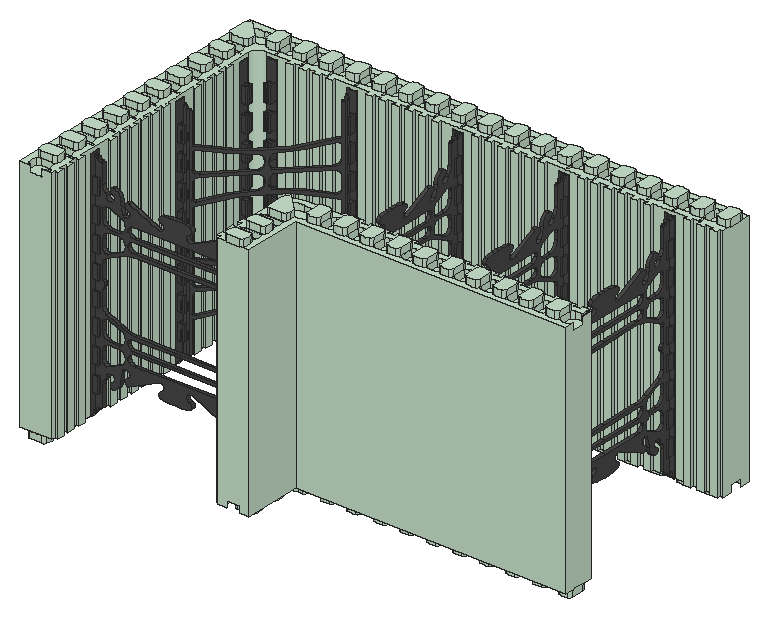
Revit family
Reference planes (in)
  plane 1 "Center (Front/Back)": y = 0
  plane 2: z = 0
  plane 3 "Center (Left/Right)": x = 0
Forms (in)
  Extrusion 1, solid, material "NUDURA Expanded Polystyrene Foam Insulation"
    sketch origin (-0.00131, 0.00138, 0) x (1, 0, 0) y (0, 1, 0)
      loop
        line (-8.625, 8.625) -> (-8.625, -13) -> (-6.25, -13) -> (-6.25, -12.71883) -> (-6, -12.78117) -> (-6, -12.21883) -> (-6.25, -12.28117) -> (-6.25, -11.71883) -> (-6, -11.78117) -> (-6, -11.21883) -> (-6.25, -11.28117) -> (-6.25, -10.71883) -> (-6, -10.78117) -> (-6, -10.21883) -> (-6.25, -10.28117) -> (-6.25, -7.71883) -> (-6, -7.78117) -> (-6, -7.21883) -> (-6.25, -7.28117) -> (-6.25, -6.71883) -> (-6, -6.78117) -> (-6, -6.21883) -> (-6.25, -6.28117) -> (-6.25, -5.71883) -> (-6, -5.78117) -> (-6, -5.21883) -> (-6.25, -5.28117) -> (-6.25, -4.71883) -> (-6, -4.78117) -> (-6, -4.21883) -> (-6.25, -4.28117) -> (-6.25, -3.71883) -> (-6, -3.78117) -> (-6, -3.21883) -> (-6.25, -3.28117) -> (-6.25, -2.71883) -> (-6, -2.78117) -> (-6, -2.21883) -> (-6.25, -2.28117) -> (-6.25, 0.28117) -> (-6, 0.21883) -> (-6, 0.78117) -> (-6.25, 0.71883) -> (-6.25, 1.28117) -> (-6, 1.21883) -> (-6, 1.78117) -> (-6.25, 1.71883) -> (-6.25, 2.28117) -> (-6, 2.21883) -> (-6, 2.78117) -> (-6.25, 2.71883) -> (-6.25, 3.28117) -> (-6, 3.21883) -> (-6, 3.78117) -> (-6.25, 3.71883) -> (-6.25, 5.51944)
        arc (-6.25, 5.51944) -> (-6.02357, 6.03725) -> (-5.5, 6.25) r 0.75
        line (-5.5, 6.25) -> (-3.71883, 6.25) -> (-3.78117, 6) -> (-3.21883, 6) -> (-3.28117, 6.25) -> (-2.71883, 6.25) -> (-2.78117, 6) -> (-2.21883, 6) -> (-2.28117, 6.25) -> (-1.71883, 6.25) -> (-1.78117, 6) -> (-1.21883, 6) -> (-1.28117, 6.25) -> (-0.71883, 6.25) -> (-0.78117, 6) -> (-0.21883, 6) -> (-0.28117, 6.25) -> (2.28117, 6.25) -> (2.21883, 6) -> (2.78117, 6) -> (2.71883, 6.25) -> (3.28117, 6.25) -> (3.21883, 6) -> (3.78117, 6) -> (3.71883, 6.25) -> (4.28117, 6.25) -> (4.21883, 6) -> (4.78117, 6) -> (4.71883, 6.25) -> (5.28117, 6.25) -> (5.21883, 6) -> (5.78117, 6) -> (5.71883, 6.25) -> (6.28117, 6.25) -> (6.21883, 6) -> (6.78117, 6) -> (6.71883, 6.25) -> (7.28117, 6.25) -> (7.21883, 6) -> (7.78117, 6) -> (7.71883, 6.25) -> (10.28117, 6.25) -> (10.21883, 6) -> (10.78117, 6) -> (10.71883, 6.25) -> (11.28117, 6.25) -> (11.21883, 6) -> (11.78117, 6) -> (11.71883, 6.25) -> (12.28117, 6.25) -> (12.21883, 6) -> (12.78117, 6) -> (12.71883, 6.25) -> (13.28117, 6.25) -> (13.21883, 6) -> (13.78117, 6) -> (13.71883, 6.25) -> (14.28117, 6.25) -> (14.21883, 6) -> (14.78117, 6) -> (14.71883, 6.25) -> (15.28117, 6.25) -> (15.21883, 6) -> (15.78117, 6) -> (15.71883, 6.25) -> (18.28117, 6.25) -> (18.21883, 6) -> (18.78117, 6) -> (18.71883, 6.25) -> (19.28117, 6.25) -> (19.21883, 6) -> (19.78117, 6) -> (19.71883, 6.25) -> (20.28117, 6.25) -> (20.21883, 6) -> (20.78117, 6) -> (20.71883, 6.25) -> (21.28117, 6.25) -> (21.21883, 6) -> (21.78117, 6) -> (21.71883, 6.25) -> (22.28117, 6.25) -> (22.21883, 6) -> (22.78117, 6) -> (22.71883, 6.25) -> (23.28117, 6.25) -> (23.21883, 6) -> (23.78117, 6) -> (23.71883, 6.25) -> (26.28117, 6.25) -> (26.21883, 6) -> (26.78117, 6) -> (26.71883, 6.25) -> (27.28117, 6.25) -> (27.21883, 6) -> (27.78117, 6) -> (27.71883, 6.25) -> (28.28117, 6.25) -> (28.21883, 6) -> (28.78117, 6) -> (28.71883, 6.25) -> (29, 6.25) -> (29, 8.625) -> (-8.625, 8.625)
      loop
        line (8.625, -8.625) -> (29, -8.625) -> (29, -6.25) -> (28.71883, -6.25) -> (28.78117, -6) -> (28.21883, -6) -> (28.28117, -6.25) -> (27.71883, -6.25) -> (27.78117, -6) -> (27.21883, -6) -> (27.28117, -6.25) -> (26.71883, -6.25) -> (26.78117, -6) -> (26.21883, -6) -> (26.28117, -6.25) -> (23.71883, -6.25) -> (23.78117, -6) -> (23.21883, -6) -> (23.28117, -6.25) -> (22.71883, -6.25) -> (22.78117, -6) -> (22.21883, -6) -> (22.28117, -6.25) -> (21.71883, -6.25) -> (21.78117, -6) -> (21.21883, -6) -> (21.28117, -6.25) -> (20.71883, -6.25) -> (20.78117, -6) -> (20.21883, -6) -> (20.28117, -6.25) -> (19.71883, -6.25) -> (19.78117, -6) -> (19.21883, -6) -> (19.28117, -6.25) -> (18.71883, -6.25) -> (18.78117, -6) -> (18.21883, -6) -> (18.28117, -6.25) -> (15.71883, -6.25) -> (15.78117, -6) -> (15.21883, -6) -> (15.28117, -6.25) -> (14.71883, -6.25) -> (14.78117, -6) -> (14.21883, -6) -> (14.28117, -6.25) -> (13.71883, -6.25) -> (13.78117, -6) -> (13.21883, -6) -> (13.28117, -6.25) -> (12.71883, -6.25) -> (12.78117, -6) -> (12.21883, -6) -> (12.28117, -6.25) -> (11.71883, -6.25) -> (11.78117, -6) -> (11.21883, -6) -> (11.28117, -6.25) -> (10.71883, -6.25) -> (10.78117, -6) -> (10.21883, -6) -> (10.28117, -6.25) -> (7.5, -6.25)
        arc (7.5, -6.25) -> (6.61612, -6.61612) -> (6.25, -7.5) r 1.25
        line (6.25, -7.5) -> (6.25, -10.28117) -> (6, -10.21883) -> (6, -10.78117) -> (6.25, -10.71883) -> (6.25, -11.28117) -> (6, -11.21883) -> (6, -11.78117) -> (6.25, -11.71883) -> (6.25, -12.28117) -> (6, -12.21883) -> (6, -12.78117) -> (6.25, -12.71883) -> (6.25, -13) -> (8.625, -13) -> (8.625, -8.625)
    from 0 to 18
  Extrusion 2, solid, material "NUDURA Expanded Polystyrene Foam Insulation"
    sketch origin (2.99869, -2.99862, 0) x (1, 0, 0) y (0, 1, 0)
      loop
        arc (3.6875, -5.5) -> (3.70047, -5.66548) -> (3.73905, -5.82692) r 1.0625
        arc (3.73905, -5.82692) -> (3.82983, -5.95215) -> (3.97692, -6) r 0.25
        line (3.97692, -6) -> (4.89808, -6)
        arc (4.89808, -6) -> (5.04517, -5.95215) -> (5.13595, -5.82692) r 0.25
        arc (5.13595, -5.82692) -> (5.17453, -5.66548) -> (5.1875, -5.5) r 1.0625
        line (5.1875, -5.5) -> (5.1875, -5.1875) -> (3.98039, -3.98039)
        arc (3.98039, -3.98039) -> (3.76362, -4.30482) -> (3.6875, -4.6875) r 1
        line (3.6875, -4.6875) -> (3.6875, -5.5)
    from 18 to 18.5
  Extrusion 3, solid, material "NUDURA Expanded Polystyrene Foam Insulation"
    sketch origin (-3.00131, 3.00138, 0) x (1, 0, 0) y (0, 1, 0)
      loop
        arc (-3.97692, 3) -> (-3.82983, 3.04785) -> (-3.73905, 3.17308) r 0.25
        arc (-3.73905, 3.17308) -> (-3.70047, 3.33452) -> (-3.6875, 3.5) r 1.0625
        line (-3.6875, 3.5) -> (-3.6875, 3.6875) -> (-4.89461, 4.89461)
        arc (-4.89461, 4.89461) -> (-5.11138, 4.57018) -> (-5.1875, 4.1875) r 1
        line (-5.1875, 4.1875) -> (-5.1875, 3.5)
        arc (-5.1875, 3.5) -> (-5.17453, 3.33452) -> (-5.13595, 3.17308) r 1.0625
        arc (-5.13595, 3.17308) -> (-5.04517, 3.04785) -> (-4.89808, 3) r 0.25
        line (-4.89808, 3) -> (-3.97692, 3)
    from 18 to 18.5
  Extrusion 4, void
    sketch origin (-3.00131, 3.00138, 0) x (1, 0, 0) y (0, 1, 0)
      loop
        arc (-5.13595, -9.82692) -> (-5.04517, -9.95215) -> (-4.89808, -10) r 0.25
        line (-4.89808, -10) -> (-3.97692, -10)
        arc (-3.97692, -10) -> (-3.88568, -9.98276) -> (-3.80702, -9.9334) r 0.25
        arc (-3.80702, -9.9334) -> (-3.78736, -9.92106) -> (-3.76455, -9.91675) r 0.0625
        line (-3.76455, -9.91675) -> (-3.41845, -9.91675) -> (-3.41845, -9.74592) -> (-3.64005, -9.74592)
        arc (-3.64005, -9.74592) -> (-3.68771, -9.72385) -> (-3.70172, -9.67323) r 0.0625
        arc (-3.70172, -9.67323) -> (-3.69045, -9.42092) -> (-3.73905, -9.17308) r 1.0625
        arc (-3.73905, -9.17308) -> (-3.82983, -9.04785) -> (-3.97692, -9) r 0.25
        line (-3.97692, -9) -> (-4.89808, -9)
        arc (-4.89808, -9) -> (-5.04517, -9.04785) -> (-5.13595, -9.17308) r 0.25
        arc (-5.13595, -9.17308) -> (-5.1875, -9.5) -> (-5.13595, -9.82692) r 1.0625
    from 18 to 17.5
  Extrusion 5, void
    sketch origin (-3.00131, 5.00138, 0) x (1, 0, 0) y (0, 1, 0)
      loop
        arc (-5.13595, -9.82692) -> (-5.04517, -9.95215) -> (-4.89808, -10) r 0.25
        line (-4.89808, -10) -> (-3.97692, -10)
        arc (-3.97692, -10) -> (-3.88568, -9.98276) -> (-3.80702, -9.9334) r 0.25
        arc (-3.80702, -9.9334) -> (-3.78736, -9.92106) -> (-3.76455, -9.91675) r 0.0625
        line (-3.76455, -9.91675) -> (-3.41845, -9.91675) -> (-3.41845, -9.74592) -> (-3.64005, -9.74592)
        arc (-3.64005, -9.74592) -> (-3.68771, -9.72385) -> (-3.70172, -9.67323) r 0.0625
        arc (-3.70172, -9.67323) -> (-3.69045, -9.42092) -> (-3.73905, -9.17308) r 1.0625
        arc (-3.73905, -9.17308) -> (-3.82983, -9.04785) -> (-3.97692, -9) r 0.25
        line (-3.97692, -9) -> (-4.89808, -9)
        arc (-4.89808, -9) -> (-5.04517, -9.04785) -> (-5.13595, -9.17308) r 0.25
        arc (-5.13595, -9.17308) -> (-5.1875, -9.5) -> (-5.13595, -9.82692) r 1.0625
    from 18 to 17.5
  Extrusion 6, void
    sketch origin (-3.00131, 7.00138, 0) x (1, 0, 0) y (0, 1, 0)
      loop
        arc (-5.13595, -9.82692) -> (-5.04517, -9.95215) -> (-4.89808, -10) r 0.25
        line (-4.89808, -10) -> (-3.97692, -10)
        arc (-3.97692, -10) -> (-3.88568, -9.98276) -> (-3.80702, -9.9334) r 0.25
        arc (-3.80702, -9.9334) -> (-3.78736, -9.92106) -> (-3.76455, -9.91675) r 0.0625
        line (-3.76455, -9.91675) -> (-3.41845, -9.91675) -> (-3.41845, -9.74592) -> (-3.64005, -9.74592)
        arc (-3.64005, -9.74592) -> (-3.68771, -9.72385) -> (-3.70172, -9.67323) r 0.0625
        arc (-3.70172, -9.67323) -> (-3.69045, -9.42092) -> (-3.73905, -9.17308) r 1.0625
        arc (-3.73905, -9.17308) -> (-3.82983, -9.04785) -> (-3.97692, -9) r 0.25
        line (-3.97692, -9) -> (-4.89808, -9)
        arc (-4.89808, -9) -> (-5.04517, -9.04785) -> (-5.13595, -9.17308) r 0.25
        arc (-5.13595, -9.17308) -> (-5.1875, -9.5) -> (-5.13595, -9.82692) r 1.0625
    from 18 to 17.5
  Extrusion 7, void
    sketch origin (-3.00131, 9.00138, 0) x (1, 0, 0) y (0, 1, 0)
      loop
        arc (-5.13595, -9.82692) -> (-5.04517, -9.95215) -> (-4.89808, -10) r 0.25
        line (-4.89808, -10) -> (-3.97692, -10)
        arc (-3.97692, -10) -> (-3.88568, -9.98276) -> (-3.80702, -9.9334) r 0.25
        arc (-3.80702, -9.9334) -> (-3.78736, -9.92106) -> (-3.76455, -9.91675) r 0.0625
        line (-3.76455, -9.91675) -> (-3.41845, -9.91675) -> (-3.41845, -9.74592) -> (-3.64005, -9.74592)
        arc (-3.64005, -9.74592) -> (-3.68771, -9.72385) -> (-3.70172, -9.67323) r 0.0625
        arc (-3.70172, -9.67323) -> (-3.69045, -9.42092) -> (-3.73905, -9.17308) r 1.0625
        arc (-3.73905, -9.17308) -> (-3.82983, -9.04785) -> (-3.97692, -9) r 0.25
        line (-3.97692, -9) -> (-4.89808, -9)
        arc (-4.89808, -9) -> (-5.04517, -9.04785) -> (-5.13595, -9.17308) r 0.25
        arc (-5.13595, -9.17308) -> (-5.1875, -9.5) -> (-5.13595, -9.82692) r 1.0625
    from 18 to 17.5
  Extrusion 8, void
    sketch origin (-3.00131, 11.00138, 0) x (1, 0, 0) y (0, 1, 0)
      loop
        arc (-5.13595, -9.82692) -> (-5.04517, -9.95215) -> (-4.89808, -10) r 0.25
        line (-4.89808, -10) -> (-3.97692, -10)
        arc (-3.97692, -10) -> (-3.88568, -9.98276) -> (-3.80702, -9.9334) r 0.25
        arc (-3.80702, -9.9334) -> (-3.78736, -9.92106) -> (-3.76455, -9.91675) r 0.0625
        line (-3.76455, -9.91675) -> (-3.41845, -9.91675) -> (-3.41845, -9.74592) -> (-3.64005, -9.74592)
        arc (-3.64005, -9.74592) -> (-3.68771, -9.72385) -> (-3.70172, -9.67323) r 0.0625
        arc (-3.70172, -9.67323) -> (-3.69045, -9.42092) -> (-3.73905, -9.17308) r 1.0625
        arc (-3.73905, -9.17308) -> (-3.82983, -9.04785) -> (-3.97692, -9) r 0.25
        line (-3.97692, -9) -> (-4.89808, -9)
        arc (-4.89808, -9) -> (-5.04517, -9.04785) -> (-5.13595, -9.17308) r 0.25
        arc (-5.13595, -9.17308) -> (-5.1875, -9.5) -> (-5.13595, -9.82692) r 1.0625
    from 18 to 17.5
  Extrusion 9, void
    sketch origin (-3.00131, 13.00138, 0) x (1, 0, 0) y (0, 1, 0)
      loop
        arc (-5.13595, -9.82692) -> (-5.04517, -9.95215) -> (-4.89808, -10) r 0.25
        line (-4.89808, -10) -> (-3.97692, -10)
        arc (-3.97692, -10) -> (-3.88568, -9.98276) -> (-3.80702, -9.9334) r 0.25
        arc (-3.80702, -9.9334) -> (-3.78736, -9.92106) -> (-3.76455, -9.91675) r 0.0625
        line (-3.76455, -9.91675) -> (-3.41845, -9.91675) -> (-3.41845, -9.74592) -> (-3.64005, -9.74592)
        arc (-3.64005, -9.74592) -> (-3.68771, -9.72385) -> (-3.70172, -9.67323) r 0.0625
        arc (-3.70172, -9.67323) -> (-3.69045, -9.42092) -> (-3.73905, -9.17308) r 1.0625
        arc (-3.73905, -9.17308) -> (-3.82983, -9.04785) -> (-3.97692, -9) r 0.25
        line (-3.97692, -9) -> (-4.89808, -9)
        arc (-4.89808, -9) -> (-5.04517, -9.04785) -> (-5.13595, -9.17308) r 0.25
        arc (-5.13595, -9.17308) -> (-5.1875, -9.5) -> (-5.13595, -9.82692) r 1.0625
    from 18 to 17.5
  Extrusion 10, void
    sketch origin (-3.00131, 15.00138, 0) x (1, 0, 0) y (0, 1, 0)
      loop
        arc (-5.13595, -9.82692) -> (-5.04517, -9.95215) -> (-4.89808, -10) r 0.25
        line (-4.89808, -10) -> (-3.97692, -10)
        arc (-3.97692, -10) -> (-3.88568, -9.98276) -> (-3.80702, -9.9334) r 0.25
        arc (-3.80702, -9.9334) -> (-3.78736, -9.92106) -> (-3.76455, -9.91675) r 0.0625
        line (-3.76455, -9.91675) -> (-3.41845, -9.91675) -> (-3.41845, -9.74592) -> (-3.64005, -9.74592)
        arc (-3.64005, -9.74592) -> (-3.68771, -9.72385) -> (-3.70172, -9.67323) r 0.0625
        arc (-3.70172, -9.67323) -> (-3.69045, -9.42092) -> (-3.73905, -9.17308) r 1.0625
        arc (-3.73905, -9.17308) -> (-3.82983, -9.04785) -> (-3.97692, -9) r 0.25
        line (-3.97692, -9) -> (-4.89808, -9)
        arc (-4.89808, -9) -> (-5.04517, -9.04785) -> (-5.13595, -9.17308) r 0.25
        arc (-5.13595, -9.17308) -> (-5.1875, -9.5) -> (-5.13595, -9.82692) r 1.0625
    from 18 to 17.5
  Extrusion 11, void
    sketch origin (2.99869, -2.99862, 0) x (1, 0, 0) y (0, 1, 0)
      loop
        line (3.97692, -9) -> (4.89808, -9)
        arc (4.89808, -9) -> (5.04517, -8.95215) -> (5.13595, -8.82692) r 0.25
        arc (5.13595, -8.82692) -> (5.1875, -8.5) -> (5.13595, -8.17308) r 1.0625
        arc (5.13595, -8.17308) -> (5.04517, -8.04785) -> (4.89808, -8) r 0.25
        line (4.89808, -8) -> (3.97692, -8)
        arc (3.97692, -8) -> (3.88568, -8.01724) -> (3.80702, -8.0666) r 0.25
        arc (3.80702, -8.0666) -> (3.78736, -8.07894) -> (3.76455, -8.08325) r 0.0625
        line (3.76455, -8.08325) -> (3.41845, -8.08325) -> (3.41845, -8.25408) -> (3.64005, -8.25408)
        arc (3.64005, -8.25408) -> (3.68771, -8.27615) -> (3.70172, -8.32677) r 0.0625
        arc (3.70172, -8.32677) -> (3.69045, -8.57908) -> (3.73905, -8.82692) r 1.0625
        arc (3.73905, -8.82692) -> (3.82983, -8.95215) -> (3.97692, -9) r 0.25
    from 18 to 17.5
  Extrusion 12, void
    sketch origin (2.99869, -0.99862, 0) x (1, 0, 0) y (0, 1, 0)
      loop
        line (3.97692, -9) -> (4.89808, -9)
        arc (4.89808, -9) -> (5.04517, -8.95215) -> (5.13595, -8.82692) r 0.25
        arc (5.13595, -8.82692) -> (5.1875, -8.5) -> (5.13595, -8.17308) r 1.0625
        arc (5.13595, -8.17308) -> (5.04517, -8.04785) -> (4.89808, -8) r 0.25
        line (4.89808, -8) -> (3.97692, -8)
        arc (3.97692, -8) -> (3.88568, -8.01724) -> (3.80702, -8.0666) r 0.25
        arc (3.80702, -8.0666) -> (3.78736, -8.07894) -> (3.76455, -8.08325) r 0.0625
        line (3.76455, -8.08325) -> (3.41845, -8.08325) -> (3.41845, -8.25408) -> (3.64005, -8.25408)
        arc (3.64005, -8.25408) -> (3.68771, -8.27615) -> (3.70172, -8.32677) r 0.0625
        arc (3.70172, -8.32677) -> (3.69045, -8.57908) -> (3.73905, -8.82692) r 1.0625
        arc (3.73905, -8.82692) -> (3.82983, -8.95215) -> (3.97692, -9) r 0.25
    from 18 to 17.5
  Extrusion 13, void
    sketch origin (-3.00131, 3.00138, 0) x (1, 0, 0) y (0, 1, 0)
      loop
        arc (-4.1875, 5.1875) -> (-4.57018, 5.11138) -> (-4.89461, 4.89461) r 1
        line (-4.89461, 4.89461) -> (-3.6875, 3.6875) -> (-3.5, 3.6875)
        arc (-3.5, 3.6875) -> (-3.33452, 3.70047) -> (-3.17308, 3.73905) r 1.0625
        arc (-3.17308, 3.73905) -> (-3.04785, 3.82983) -> (-3, 3.97692) r 0.25
        line (-3, 3.97692) -> (-3, 4.89808)
        arc (-3, 4.89808) -> (-3.04785, 5.04517) -> (-3.17308, 5.13595) r 0.25
        arc (-3.17308, 5.13595) -> (-3.33452, 5.17453) -> (-3.5, 5.1875) r 1.0625
        line (-3.5, 5.1875) -> (-4.1875, 5.1875)
    from 18 to 17.5
  Extrusion 14, void
    sketch origin (2.99869, -2.99862, 0) x (1, 0, 0) y (0, 1, 0)
      loop
        arc (4.6875, -3.6875) -> (4.30482, -3.76362) -> (3.98039, -3.98039) r 1
        line (3.98039, -3.98039) -> (5.1875, -5.1875) -> (5.5, -5.1875)
        arc (5.5, -5.1875) -> (5.66548, -5.17453) -> (5.82692, -5.13595) r 1.0625
        arc (5.82692, -5.13595) -> (5.95215, -5.04517) -> (6, -4.89808) r 0.25
        line (6, -4.89808) -> (6, -3.97692)
        arc (6, -3.97692) -> (5.98276, -3.88568) -> (5.9334, -3.80702) r 0.25
        arc (5.9334, -3.80702) -> (5.92106, -3.78736) -> (5.91675, -3.76455) r 0.0625
        line (5.91675, -3.76455) -> (5.91675, -3.41845) -> (5.74592, -3.41845) -> (5.74592, -3.64005)
        arc (5.74592, -3.64005) -> (5.72385, -3.68771) -> (5.67323, -3.70172) r 0.0625
        arc (5.67323, -3.70172) -> (5.58691, -3.69106) -> (5.5, -3.6875) r 1.0625
        line (5.5, -3.6875) -> (4.6875, -3.6875)
    from 18 to 17.5
  Extrusion 15, void
    sketch origin (2.99869, -2.99862, 0) x (1, 0, 0) y (0, 1, 0)
      loop
        line (7, -3.97692) -> (7, -4.89808)
        arc (7, -4.89808) -> (7.04785, -5.04517) -> (7.17308, -5.13595) r 0.25
        arc (7.17308, -5.13595) -> (7.5, -5.1875) -> (7.82692, -5.13595) r 1.0625
        arc (7.82692, -5.13595) -> (7.95215, -5.04517) -> (8, -4.89808) r 0.25
        line (8, -4.89808) -> (8, -3.97692)
        arc (8, -3.97692) -> (7.98276, -3.88568) -> (7.9334, -3.80702) r 0.25
        arc (7.9334, -3.80702) -> (7.92106, -3.78736) -> (7.91675, -3.76455) r 0.0625
        line (7.91675, -3.76455) -> (7.91675, -3.41845) -> (7.74592, -3.41845) -> (7.74592, -3.64005)
        arc (7.74592, -3.64005) -> (7.72385, -3.68771) -> (7.67323, -3.70172) r 0.0625
        arc (7.67323, -3.70172) -> (7.42092, -3.69045) -> (7.17308, -3.73905) r 1.0625
        arc (7.17308, -3.73905) -> (7.04785, -3.82983) -> (7, -3.97692) r 0.25
    from 18 to 17.5
  Extrusion 16, void
    sketch origin (4.99869, -2.99862, 0) x (1, 0, 0) y (0, 1, 0)
      loop
        line (7, -3.97692) -> (7, -4.89808)
        arc (7, -4.89808) -> (7.04785, -5.04517) -> (7.17308, -5.13595) r 0.25
        arc (7.17308, -5.13595) -> (7.5, -5.1875) -> (7.82692, -5.13595) r 1.0625
        arc (7.82692, -5.13595) -> (7.95215, -5.04517) -> (8, -4.89808) r 0.25
        line (8, -4.89808) -> (8, -3.97692)
        arc (8, -3.97692) -> (7.98276, -3.88568) -> (7.9334, -3.80702) r 0.25
        arc (7.9334, -3.80702) -> (7.92106, -3.78736) -> (7.91675, -3.76455) r 0.0625
        line (7.91675, -3.76455) -> (7.91675, -3.41845) -> (7.74592, -3.41845) -> (7.74592, -3.64005)
        arc (7.74592, -3.64005) -> (7.72385, -3.68771) -> (7.67323, -3.70172) r 0.0625
        arc (7.67323, -3.70172) -> (7.42092, -3.69045) -> (7.17308, -3.73905) r 1.0625
        arc (7.17308, -3.73905) -> (7.04785, -3.82983) -> (7, -3.97692) r 0.25
    from 18 to 17.5
  Extrusion 17, void
    sketch origin (6.99869, -2.99862, 0) x (1, 0, 0) y (0, 1, 0)
      loop
        line (7, -3.97692) -> (7, -4.89808)
        arc (7, -4.89808) -> (7.04785, -5.04517) -> (7.17308, -5.13595) r 0.25
        arc (7.17308, -5.13595) -> (7.5, -5.1875) -> (7.82692, -5.13595) r 1.0625
        arc (7.82692, -5.13595) -> (7.95215, -5.04517) -> (8, -4.89808) r 0.25
        line (8, -4.89808) -> (8, -3.97692)
        arc (8, -3.97692) -> (7.98276, -3.88568) -> (7.9334, -3.80702) r 0.25
        arc (7.9334, -3.80702) -> (7.92106, -3.78736) -> (7.91675, -3.76455) r 0.0625
        line (7.91675, -3.76455) -> (7.91675, -3.41845) -> (7.74592, -3.41845) -> (7.74592, -3.64005)
        arc (7.74592, -3.64005) -> (7.72385, -3.68771) -> (7.67323, -3.70172) r 0.0625
        arc (7.67323, -3.70172) -> (7.42092, -3.69045) -> (7.17308, -3.73905) r 1.0625
        arc (7.17308, -3.73905) -> (7.04785, -3.82983) -> (7, -3.97692) r 0.25
    from 18 to 17.5
  Extrusion 18, void
    sketch origin (8.99869, -2.99862, 0) x (1, 0, 0) y (0, 1, 0)
      loop
        line (7, -3.97692) -> (7, -4.89808)
        arc (7, -4.89808) -> (7.04785, -5.04517) -> (7.17308, -5.13595) r 0.25
        arc (7.17308, -5.13595) -> (7.5, -5.1875) -> (7.82692, -5.13595) r 1.0625
        arc (7.82692, -5.13595) -> (7.95215, -5.04517) -> (8, -4.89808) r 0.25
        line (8, -4.89808) -> (8, -3.97692)
        arc (8, -3.97692) -> (7.98276, -3.88568) -> (7.9334, -3.80702) r 0.25
        arc (7.9334, -3.80702) -> (7.92106, -3.78736) -> (7.91675, -3.76455) r 0.0625
        line (7.91675, -3.76455) -> (7.91675, -3.41845) -> (7.74592, -3.41845) -> (7.74592, -3.64005)
        arc (7.74592, -3.64005) -> (7.72385, -3.68771) -> (7.67323, -3.70172) r 0.0625
        arc (7.67323, -3.70172) -> (7.42092, -3.69045) -> (7.17308, -3.73905) r 1.0625
        arc (7.17308, -3.73905) -> (7.04785, -3.82983) -> (7, -3.97692) r 0.25
    from 18 to 17.5
  Extrusion 19, void
    sketch origin (10.99869, -2.99862, 0) x (1, 0, 0) y (0, 1, 0)
      loop
        line (7, -3.97692) -> (7, -4.89808)
        arc (7, -4.89808) -> (7.04785, -5.04517) -> (7.17308, -5.13595) r 0.25
        arc (7.17308, -5.13595) -> (7.5, -5.1875) -> (7.82692, -5.13595) r 1.0625
        arc (7.82692, -5.13595) -> (7.95215, -5.04517) -> (8, -4.89808) r 0.25
        line (8, -4.89808) -> (8, -3.97692)
        arc (8, -3.97692) -> (7.98276, -3.88568) -> (7.9334, -3.80702) r 0.25
        arc (7.9334, -3.80702) -> (7.92106, -3.78736) -> (7.91675, -3.76455) r 0.0625
        line (7.91675, -3.76455) -> (7.91675, -3.41845) -> (7.74592, -3.41845) -> (7.74592, -3.64005)
        arc (7.74592, -3.64005) -> (7.72385, -3.68771) -> (7.67323, -3.70172) r 0.0625
        arc (7.67323, -3.70172) -> (7.42092, -3.69045) -> (7.17308, -3.73905) r 1.0625
        arc (7.17308, -3.73905) -> (7.04785, -3.82983) -> (7, -3.97692) r 0.25
    from 18 to 17.5
  Extrusion 20, void
    sketch origin (12.99869, -2.99862, 0) x (1, 0, 0) y (0, 1, 0)
      loop
        line (7, -3.97692) -> (7, -4.89808)
        arc (7, -4.89808) -> (7.04785, -5.04517) -> (7.17308, -5.13595) r 0.25
        arc (7.17308, -5.13595) -> (7.5, -5.1875) -> (7.82692, -5.13595) r 1.0625
        arc (7.82692, -5.13595) -> (7.95215, -5.04517) -> (8, -4.89808) r 0.25
        line (8, -4.89808) -> (8, -3.97692)
        arc (8, -3.97692) -> (7.98276, -3.88568) -> (7.9334, -3.80702) r 0.25
        arc (7.9334, -3.80702) -> (7.92106, -3.78736) -> (7.91675, -3.76455) r 0.0625
        line (7.91675, -3.76455) -> (7.91675, -3.41845) -> (7.74592, -3.41845) -> (7.74592, -3.64005)
        arc (7.74592, -3.64005) -> (7.72385, -3.68771) -> (7.67323, -3.70172) r 0.0625
        arc (7.67323, -3.70172) -> (7.42092, -3.69045) -> (7.17308, -3.73905) r 1.0625
        arc (7.17308, -3.73905) -> (7.04785, -3.82983) -> (7, -3.97692) r 0.25
    from 18 to 17.5
  Extrusion 21, void
    sketch origin (14.99869, -2.99862, 0) x (1, 0, 0) y (0, 1, 0)
      loop
        line (7, -3.97692) -> (7, -4.89808)
        arc (7, -4.89808) -> (7.04785, -5.04517) -> (7.17308, -5.13595) r 0.25
        arc (7.17308, -5.13595) -> (7.5, -5.1875) -> (7.82692, -5.13595) r 1.0625
        arc (7.82692, -5.13595) -> (7.95215, -5.04517) -> (8, -4.89808) r 0.25
        line (8, -4.89808) -> (8, -3.97692)
        arc (8, -3.97692) -> (7.98276, -3.88568) -> (7.9334, -3.80702) r 0.25
        arc (7.9334, -3.80702) -> (7.92106, -3.78736) -> (7.91675, -3.76455) r 0.0625
        line (7.91675, -3.76455) -> (7.91675, -3.41845) -> (7.74592, -3.41845) -> (7.74592, -3.64005)
        arc (7.74592, -3.64005) -> (7.72385, -3.68771) -> (7.67323, -3.70172) r 0.0625
        arc (7.67323, -3.70172) -> (7.42092, -3.69045) -> (7.17308, -3.73905) r 1.0625
        arc (7.17308, -3.73905) -> (7.04785, -3.82983) -> (7, -3.97692) r 0.25
    from 18 to 17.5
  Extrusion 22, void
    sketch origin (16.99869, -2.99862, 0) x (1, 0, 0) y (0, 1, 0)
      loop
        line (7, -3.97692) -> (7, -4.89808)
        arc (7, -4.89808) -> (7.04785, -5.04517) -> (7.17308, -5.13595) r 0.25
        arc (7.17308, -5.13595) -> (7.5, -5.1875) -> (7.82692, -5.13595) r 1.0625
        arc (7.82692, -5.13595) -> (7.95215, -5.04517) -> (8, -4.89808) r 0.25
        line (8, -4.89808) -> (8, -3.97692)
        arc (8, -3.97692) -> (7.98276, -3.88568) -> (7.9334, -3.80702) r 0.25
        arc (7.9334, -3.80702) -> (7.92106, -3.78736) -> (7.91675, -3.76455) r 0.0625
        line (7.91675, -3.76455) -> (7.91675, -3.41845) -> (7.74592, -3.41845) -> (7.74592, -3.64005)
        arc (7.74592, -3.64005) -> (7.72385, -3.68771) -> (7.67323, -3.70172) r 0.0625
        arc (7.67323, -3.70172) -> (7.42092, -3.69045) -> (7.17308, -3.73905) r 1.0625
        arc (7.17308, -3.73905) -> (7.04785, -3.82983) -> (7, -3.97692) r 0.25
    from 18 to 17.5
  Extrusion 23, void
    sketch origin (18.99869, -2.99862, 0) x (1, 0, 0) y (0, 1, 0)
      loop
        line (7, -3.97692) -> (7, -4.89808)
        arc (7, -4.89808) -> (7.04785, -5.04517) -> (7.17308, -5.13595) r 0.25
        arc (7.17308, -5.13595) -> (7.5, -5.1875) -> (7.82692, -5.13595) r 1.0625
        arc (7.82692, -5.13595) -> (7.95215, -5.04517) -> (8, -4.89808) r 0.25
        line (8, -4.89808) -> (8, -3.97692)
        arc (8, -3.97692) -> (7.98276, -3.88568) -> (7.9334, -3.80702) r 0.25
        arc (7.9334, -3.80702) -> (7.92106, -3.78736) -> (7.91675, -3.76455) r 0.0625
        line (7.91675, -3.76455) -> (7.91675, -3.41845) -> (7.74592, -3.41845) -> (7.74592, -3.64005)
        arc (7.74592, -3.64005) -> (7.72385, -3.68771) -> (7.67323, -3.70172) r 0.0625
        arc (7.67323, -3.70172) -> (7.42092, -3.69045) -> (7.17308, -3.73905) r 1.0625
        arc (7.17308, -3.73905) -> (7.04785, -3.82983) -> (7, -3.97692) r 0.25
    from 18 to 17.5
  Extrusion 24, void
    sketch origin (20.99869, -2.99862, 0) x (1, 0, 0) y (0, 1, 0)
      loop
        line (7, -3.97692) -> (7, -4.89808)
        arc (7, -4.89808) -> (7.04785, -5.04517) -> (7.17308, -5.13595) r 0.25
        arc (7.17308, -5.13595) -> (7.5, -5.1875) -> (7.82692, -5.13595) r 1.0625
        arc (7.82692, -5.13595) -> (7.95215, -5.04517) -> (8, -4.89808) r 0.25
        line (8, -4.89808) -> (8, -3.97692)
        arc (8, -3.97692) -> (7.98276, -3.88568) -> (7.9334, -3.80702) r 0.25
        arc (7.9334, -3.80702) -> (7.92106, -3.78736) -> (7.91675, -3.76455) r 0.0625
        line (7.91675, -3.76455) -> (7.91675, -3.41845) -> (7.74592, -3.41845) -> (7.74592, -3.64005)
        arc (7.74592, -3.64005) -> (7.72385, -3.68771) -> (7.67323, -3.70172) r 0.0625
        arc (7.67323, -3.70172) -> (7.42092, -3.69045) -> (7.17308, -3.73905) r 1.0625
        arc (7.17308, -3.73905) -> (7.04785, -3.82983) -> (7, -3.97692) r 0.25
    from 18 to 17.5
  Extrusion 25, void
    sketch origin (-3.00131, 3.00138, 0) x (1, 0, 0) y (0, 1, 0)
      loop
        arc (-1.82692, 5.13595) -> (-1.95215, 5.04517) -> (-2, 4.89808) r 0.25
        line (-2, 4.89808) -> (-2, 3.97692)
        arc (-2, 3.97692) -> (-1.98276, 3.88568) -> (-1.9334, 3.80702) r 0.25
        arc (-1.9334, 3.80702) -> (-1.92106, 3.78736) -> (-1.91675, 3.76455) r 0.0625
        line (-1.91675, 3.76455) -> (-1.91675, 3.41845) -> (-1.74592, 3.41845) -> (-1.74592, 3.64005)
        arc (-1.74592, 3.64005) -> (-1.72385, 3.68771) -> (-1.67323, 3.70172) r 0.0625
        arc (-1.67323, 3.70172) -> (-1.42092, 3.69045) -> (-1.17308, 3.73905) r 1.0625
        arc (-1.17308, 3.73905) -> (-1.04785, 3.82983) -> (-1, 3.97692) r 0.25
        line (-1, 3.97692) -> (-1, 4.89808)
        arc (-1, 4.89808) -> (-1.04785, 5.04517) -> (-1.17308, 5.13595) r 0.25
        arc (-1.17308, 5.13595) -> (-1.5, 5.1875) -> (-1.82692, 5.13595) r 1.0625
    from 18 to 17.5
  Extrusion 26, void
    sketch origin (-1.00131, 3.00138, 0) x (1, 0, 0) y (0, 1, 0)
      loop
        arc (-1.82692, 5.13595) -> (-1.95215, 5.04517) -> (-2, 4.89808) r 0.25
        line (-2, 4.89808) -> (-2, 3.97692)
        arc (-2, 3.97692) -> (-1.98276, 3.88568) -> (-1.9334, 3.80702) r 0.25
        arc (-1.9334, 3.80702) -> (-1.92106, 3.78736) -> (-1.91675, 3.76455) r 0.0625
        line (-1.91675, 3.76455) -> (-1.91675, 3.41845) -> (-1.74592, 3.41845) -> (-1.74592, 3.64005)
        arc (-1.74592, 3.64005) -> (-1.72385, 3.68771) -> (-1.67323, 3.70172) r 0.0625
        arc (-1.67323, 3.70172) -> (-1.42092, 3.69045) -> (-1.17308, 3.73905) r 1.0625
        arc (-1.17308, 3.73905) -> (-1.04785, 3.82983) -> (-1, 3.97692) r 0.25
        line (-1, 3.97692) -> (-1, 4.89808)
        arc (-1, 4.89808) -> (-1.04785, 5.04517) -> (-1.17308, 5.13595) r 0.25
        arc (-1.17308, 5.13595) -> (-1.5, 5.1875) -> (-1.82692, 5.13595) r 1.0625
    from 18 to 17.5
  Extrusion 27, void
    sketch origin (0.99869, 3.00138, 0) x (1, 0, 0) y (0, 1, 0)
      loop
        arc (-1.82692, 5.13595) -> (-1.95215, 5.04517) -> (-2, 4.89808) r 0.25
        line (-2, 4.89808) -> (-2, 3.97692)
        arc (-2, 3.97692) -> (-1.98276, 3.88568) -> (-1.9334, 3.80702) r 0.25
        arc (-1.9334, 3.80702) -> (-1.92106, 3.78736) -> (-1.91675, 3.76455) r 0.0625
        line (-1.91675, 3.76455) -> (-1.91675, 3.41845) -> (-1.74592, 3.41845) -> (-1.74592, 3.64005)
        arc (-1.74592, 3.64005) -> (-1.72385, 3.68771) -> (-1.67323, 3.70172) r 0.0625
        arc (-1.67323, 3.70172) -> (-1.42092, 3.69045) -> (-1.17308, 3.73905) r 1.0625
        arc (-1.17308, 3.73905) -> (-1.04785, 3.82983) -> (-1, 3.97692) r 0.25
        line (-1, 3.97692) -> (-1, 4.89808)
        arc (-1, 4.89808) -> (-1.04785, 5.04517) -> (-1.17308, 5.13595) r 0.25
        arc (-1.17308, 5.13595) -> (-1.5, 5.1875) -> (-1.82692, 5.13595) r 1.0625
    from 18 to 17.5
  Extrusion 28, void
    sketch origin (2.99869, 3.00138, 0) x (1, 0, 0) y (0, 1, 0)
      loop
        arc (-1.82692, 5.13595) -> (-1.95215, 5.04517) -> (-2, 4.89808) r 0.25
        line (-2, 4.89808) -> (-2, 3.97692)
        arc (-2, 3.97692) -> (-1.98276, 3.88568) -> (-1.9334, 3.80702) r 0.25
        arc (-1.9334, 3.80702) -> (-1.92106, 3.78736) -> (-1.91675, 3.76455) r 0.0625
        line (-1.91675, 3.76455) -> (-1.91675, 3.41845) -> (-1.74592, 3.41845) -> (-1.74592, 3.64005)
        arc (-1.74592, 3.64005) -> (-1.72385, 3.68771) -> (-1.67323, 3.70172) r 0.0625
        arc (-1.67323, 3.70172) -> (-1.42092, 3.69045) -> (-1.17308, 3.73905) r 1.0625
        arc (-1.17308, 3.73905) -> (-1.04785, 3.82983) -> (-1, 3.97692) r 0.25
        line (-1, 3.97692) -> (-1, 4.89808)
        arc (-1, 4.89808) -> (-1.04785, 5.04517) -> (-1.17308, 5.13595) r 0.25
        arc (-1.17308, 5.13595) -> (-1.5, 5.1875) -> (-1.82692, 5.13595) r 1.0625
    from 18 to 17.5
  Extrusion 29, void
    sketch origin (4.99869, 3.00138, 0) x (1, 0, 0) y (0, 1, 0)
      loop
        arc (-1.82692, 5.13595) -> (-1.95215, 5.04517) -> (-2, 4.89808) r 0.25
        line (-2, 4.89808) -> (-2, 3.97692)
        arc (-2, 3.97692) -> (-1.98276, 3.88568) -> (-1.9334, 3.80702) r 0.25
        arc (-1.9334, 3.80702) -> (-1.92106, 3.78736) -> (-1.91675, 3.76455) r 0.0625
        line (-1.91675, 3.76455) -> (-1.91675, 3.41845) -> (-1.74592, 3.41845) -> (-1.74592, 3.64005)
        arc (-1.74592, 3.64005) -> (-1.72385, 3.68771) -> (-1.67323, 3.70172) r 0.0625
        arc (-1.67323, 3.70172) -> (-1.42092, 3.69045) -> (-1.17308, 3.73905) r 1.0625
        arc (-1.17308, 3.73905) -> (-1.04785, 3.82983) -> (-1, 3.97692) r 0.25
        line (-1, 3.97692) -> (-1, 4.89808)
        arc (-1, 4.89808) -> (-1.04785, 5.04517) -> (-1.17308, 5.13595) r 0.25
        arc (-1.17308, 5.13595) -> (-1.5, 5.1875) -> (-1.82692, 5.13595) r 1.0625
    from 18 to 17.5
  Extrusion 30, void
    sketch origin (6.99869, 3.00138, 0) x (1, 0, 0) y (0, 1, 0)
      loop
        arc (-1.82692, 5.13595) -> (-1.95215, 5.04517) -> (-2, 4.89808) r 0.25
        line (-2, 4.89808) -> (-2, 3.97692)
        arc (-2, 3.97692) -> (-1.98276, 3.88568) -> (-1.9334, 3.80702) r 0.25
        arc (-1.9334, 3.80702) -> (-1.92106, 3.78736) -> (-1.91675, 3.76455) r 0.0625
        line (-1.91675, 3.76455) -> (-1.91675, 3.41845) -> (-1.74592, 3.41845) -> (-1.74592, 3.64005)
        arc (-1.74592, 3.64005) -> (-1.72385, 3.68771) -> (-1.67323, 3.70172) r 0.0625
        arc (-1.67323, 3.70172) -> (-1.42092, 3.69045) -> (-1.17308, 3.73905) r 1.0625
        arc (-1.17308, 3.73905) -> (-1.04785, 3.82983) -> (-1, 3.97692) r 0.25
        line (-1, 3.97692) -> (-1, 4.89808)
        arc (-1, 4.89808) -> (-1.04785, 5.04517) -> (-1.17308, 5.13595) r 0.25
        arc (-1.17308, 5.13595) -> (-1.5, 5.1875) -> (-1.82692, 5.13595) r 1.0625
    from 18 to 17.5
  Extrusion 31, void
    sketch origin (8.99869, 3.00138, 0) x (1, 0, 0) y (0, 1, 0)
      loop
        arc (-1.82692, 5.13595) -> (-1.95215, 5.04517) -> (-2, 4.89808) r 0.25
        line (-2, 4.89808) -> (-2, 3.97692)
        arc (-2, 3.97692) -> (-1.98276, 3.88568) -> (-1.9334, 3.80702) r 0.25
        arc (-1.9334, 3.80702) -> (-1.92106, 3.78736) -> (-1.91675, 3.76455) r 0.0625
        line (-1.91675, 3.76455) -> (-1.91675, 3.41845) -> (-1.74592, 3.41845) -> (-1.74592, 3.64005)
        arc (-1.74592, 3.64005) -> (-1.72385, 3.68771) -> (-1.67323, 3.70172) r 0.0625
        arc (-1.67323, 3.70172) -> (-1.42092, 3.69045) -> (-1.17308, 3.73905) r 1.0625
        arc (-1.17308, 3.73905) -> (-1.04785, 3.82983) -> (-1, 3.97692) r 0.25
        line (-1, 3.97692) -> (-1, 4.89808)
        arc (-1, 4.89808) -> (-1.04785, 5.04517) -> (-1.17308, 5.13595) r 0.25
        arc (-1.17308, 5.13595) -> (-1.5, 5.1875) -> (-1.82692, 5.13595) r 1.0625
    from 18 to 17.5
  Extrusion 32, void
    sketch origin (10.99869, 3.00138, 0) x (1, 0, 0) y (0, 1, 0)
      loop
        arc (-1.82692, 5.13595) -> (-1.95215, 5.04517) -> (-2, 4.89808) r 0.25
        line (-2, 4.89808) -> (-2, 3.97692)
        arc (-2, 3.97692) -> (-1.98276, 3.88568) -> (-1.9334, 3.80702) r 0.25
        arc (-1.9334, 3.80702) -> (-1.92106, 3.78736) -> (-1.91675, 3.76455) r 0.0625
        line (-1.91675, 3.76455) -> (-1.91675, 3.41845) -> (-1.74592, 3.41845) -> (-1.74592, 3.64005)
        arc (-1.74592, 3.64005) -> (-1.72385, 3.68771) -> (-1.67323, 3.70172) r 0.0625
        arc (-1.67323, 3.70172) -> (-1.42092, 3.69045) -> (-1.17308, 3.73905) r 1.0625
        arc (-1.17308, 3.73905) -> (-1.04785, 3.82983) -> (-1, 3.97692) r 0.25
        line (-1, 3.97692) -> (-1, 4.89808)
        arc (-1, 4.89808) -> (-1.04785, 5.04517) -> (-1.17308, 5.13595) r 0.25
        arc (-1.17308, 5.13595) -> (-1.5, 5.1875) -> (-1.82692, 5.13595) r 1.0625
    from 18 to 17.5
  Extrusion 33, void
    sketch origin (12.99869, 3.00138, 0) x (1, 0, 0) y (0, 1, 0)
      loop
        arc (-1.82692, 5.13595) -> (-1.95215, 5.04517) -> (-2, 4.89808) r 0.25
        line (-2, 4.89808) -> (-2, 3.97692)
        arc (-2, 3.97692) -> (-1.98276, 3.88568) -> (-1.9334, 3.80702) r 0.25
        arc (-1.9334, 3.80702) -> (-1.92106, 3.78736) -> (-1.91675, 3.76455) r 0.0625
        line (-1.91675, 3.76455) -> (-1.91675, 3.41845) -> (-1.74592, 3.41845) -> (-1.74592, 3.64005)
        arc (-1.74592, 3.64005) -> (-1.72385, 3.68771) -> (-1.67323, 3.70172) r 0.0625
        arc (-1.67323, 3.70172) -> (-1.42092, 3.69045) -> (-1.17308, 3.73905) r 1.0625
        arc (-1.17308, 3.73905) -> (-1.04785, 3.82983) -> (-1, 3.97692) r 0.25
        line (-1, 3.97692) -> (-1, 4.89808)
        arc (-1, 4.89808) -> (-1.04785, 5.04517) -> (-1.17308, 5.13595) r 0.25
        arc (-1.17308, 5.13595) -> (-1.5, 5.1875) -> (-1.82692, 5.13595) r 1.0625
    from 18 to 17.5
  Extrusion 34, void
    sketch origin (14.99869, 3.00138, 0) x (1, 0, 0) y (0, 1, 0)
      loop
        arc (-1.82692, 5.13595) -> (-1.95215, 5.04517) -> (-2, 4.89808) r 0.25
        line (-2, 4.89808) -> (-2, 3.97692)
        arc (-2, 3.97692) -> (-1.98276, 3.88568) -> (-1.9334, 3.80702) r 0.25
        arc (-1.9334, 3.80702) -> (-1.92106, 3.78736) -> (-1.91675, 3.76455) r 0.0625
        line (-1.91675, 3.76455) -> (-1.91675, 3.41845) -> (-1.74592, 3.41845) -> (-1.74592, 3.64005)
        arc (-1.74592, 3.64005) -> (-1.72385, 3.68771) -> (-1.67323, 3.70172) r 0.0625
        arc (-1.67323, 3.70172) -> (-1.42092, 3.69045) -> (-1.17308, 3.73905) r 1.0625
        arc (-1.17308, 3.73905) -> (-1.04785, 3.82983) -> (-1, 3.97692) r 0.25
        line (-1, 3.97692) -> (-1, 4.89808)
        arc (-1, 4.89808) -> (-1.04785, 5.04517) -> (-1.17308, 5.13595) r 0.25
        arc (-1.17308, 5.13595) -> (-1.5, 5.1875) -> (-1.82692, 5.13595) r 1.0625
    from 18 to 17.5
  Extrusion 35, void
    sketch origin (16.99869, 3.00138, 0) x (1, 0, 0) y (0, 1, 0)
      loop
        arc (-1.82692, 5.13595) -> (-1.95215, 5.04517) -> (-2, 4.89808) r 0.25
        line (-2, 4.89808) -> (-2, 3.97692)
        arc (-2, 3.97692) -> (-1.98276, 3.88568) -> (-1.9334, 3.80702) r 0.25
        arc (-1.9334, 3.80702) -> (-1.92106, 3.78736) -> (-1.91675, 3.76455) r 0.0625
        line (-1.91675, 3.76455) -> (-1.91675, 3.41845) -> (-1.74592, 3.41845) -> (-1.74592, 3.64005)
        arc (-1.74592, 3.64005) -> (-1.72385, 3.68771) -> (-1.67323, 3.70172) r 0.0625
        arc (-1.67323, 3.70172) -> (-1.42092, 3.69045) -> (-1.17308, 3.73905) r 1.0625
        arc (-1.17308, 3.73905) -> (-1.04785, 3.82983) -> (-1, 3.97692) r 0.25
        line (-1, 3.97692) -> (-1, 4.89808)
        arc (-1, 4.89808) -> (-1.04785, 5.04517) -> (-1.17308, 5.13595) r 0.25
        arc (-1.17308, 5.13595) -> (-1.5, 5.1875) -> (-1.82692, 5.13595) r 1.0625
    from 18 to 17.5
  Extrusion 36, void
    sketch origin (18.99869, 3.00138, 0) x (1, 0, 0) y (0, 1, 0)
      loop
        arc (-1.82692, 5.13595) -> (-1.95215, 5.04517) -> (-2, 4.89808) r 0.25
        line (-2, 4.89808) -> (-2, 3.97692)
        arc (-2, 3.97692) -> (-1.98276, 3.88568) -> (-1.9334, 3.80702) r 0.25
        arc (-1.9334, 3.80702) -> (-1.92106, 3.78736) -> (-1.91675, 3.76455) r 0.0625
        line (-1.91675, 3.76455) -> (-1.91675, 3.41845) -> (-1.74592, 3.41845) -> (-1.74592, 3.64005)
        arc (-1.74592, 3.64005) -> (-1.72385, 3.68771) -> (-1.67323, 3.70172) r 0.0625
        arc (-1.67323, 3.70172) -> (-1.42092, 3.69045) -> (-1.17308, 3.73905) r 1.0625
        arc (-1.17308, 3.73905) -> (-1.04785, 3.82983) -> (-1, 3.97692) r 0.25
        line (-1, 3.97692) -> (-1, 4.89808)
        arc (-1, 4.89808) -> (-1.04785, 5.04517) -> (-1.17308, 5.13595) r 0.25
        arc (-1.17308, 5.13595) -> (-1.5, 5.1875) -> (-1.82692, 5.13595) r 1.0625
    from 18 to 17.5
  Extrusion 37, void
    sketch origin (20.99869, 3.00138, 0) x (1, 0, 0) y (0, 1, 0)
      loop
        arc (-1.82692, 5.13595) -> (-1.95215, 5.04517) -> (-2, 4.89808) r 0.25
        line (-2, 4.89808) -> (-2, 3.97692)
        arc (-2, 3.97692) -> (-1.98276, 3.88568) -> (-1.9334, 3.80702) r 0.25
        arc (-1.9334, 3.80702) -> (-1.92106, 3.78736) -> (-1.91675, 3.76455) r 0.0625
        line (-1.91675, 3.76455) -> (-1.91675, 3.41845) -> (-1.74592, 3.41845) -> (-1.74592, 3.64005)
        arc (-1.74592, 3.64005) -> (-1.72385, 3.68771) -> (-1.67323, 3.70172) r 0.0625
        arc (-1.67323, 3.70172) -> (-1.42092, 3.69045) -> (-1.17308, 3.73905) r 1.0625
        arc (-1.17308, 3.73905) -> (-1.04785, 3.82983) -> (-1, 3.97692) r 0.25
        line (-1, 3.97692) -> (-1, 4.89808)
        arc (-1, 4.89808) -> (-1.04785, 5.04517) -> (-1.17308, 5.13595) r 0.25
        arc (-1.17308, 5.13595) -> (-1.5, 5.1875) -> (-1.82692, 5.13595) r 1.0625
    from 18 to 17.5
  Extrusion 38, void
    sketch origin (22.99869, 3.00138, 0) x (1, 0, 0) y (0, 1, 0)
      loop
        arc (-1.82692, 5.13595) -> (-1.95215, 5.04517) -> (-2, 4.89808) r 0.25
        line (-2, 4.89808) -> (-2, 3.97692)
        arc (-2, 3.97692) -> (-1.98276, 3.88568) -> (-1.9334, 3.80702) r 0.25
        arc (-1.9334, 3.80702) -> (-1.92106, 3.78736) -> (-1.91675, 3.76455) r 0.0625
        line (-1.91675, 3.76455) -> (-1.91675, 3.41845) -> (-1.74592, 3.41845) -> (-1.74592, 3.64005)
        arc (-1.74592, 3.64005) -> (-1.72385, 3.68771) -> (-1.67323, 3.70172) r 0.0625
        arc (-1.67323, 3.70172) -> (-1.42092, 3.69045) -> (-1.17308, 3.73905) r 1.0625
        arc (-1.17308, 3.73905) -> (-1.04785, 3.82983) -> (-1, 3.97692) r 0.25
        line (-1, 3.97692) -> (-1, 4.89808)
        arc (-1, 4.89808) -> (-1.04785, 5.04517) -> (-1.17308, 5.13595) r 0.25
        arc (-1.17308, 5.13595) -> (-1.5, 5.1875) -> (-1.82692, 5.13595) r 1.0625
    from 18 to 17.5
  Extrusion 39, void
    sketch origin (-3.00131, 6.40929, 0) x (1, 0, 0) y (0, 1, 0)
      loop
        arc (-5.13595, -11.58099) -> (-5.1875, -11.90791) -> (-5.13595, -12.23483) r 1.0625
        arc (-5.13595, -12.23483) -> (-5.04517, -12.36006) -> (-4.89808, -12.40791) r 0.25
        line (-4.89808, -12.40791) -> (-3.97692, -12.40791)
        arc (-3.97692, -12.40791) -> (-3.82983, -12.36006) -> (-3.73905, -12.23483) r 0.25
        arc (-3.73905, -12.23483) -> (-3.69045, -11.98699) -> (-3.70172, -11.73468) r 1.0625
        arc (-3.70172, -11.73468) -> (-3.68771, -11.68406) -> (-3.64005, -11.66199) r 0.0625
        line (-3.64005, -11.66199) -> (-3.41845, -11.66199) -> (-3.41845, -11.49116) -> (-3.76455, -11.49116)
        arc (-3.76455, -11.49116) -> (-3.78736, -11.48685) -> (-3.80702, -11.47451) r 0.0625
        arc (-3.80702, -11.47451) -> (-3.88568, -11.42516) -> (-3.97692, -11.40791) r 0.25
        line (-3.97692, -11.40791) -> (-4.89808, -11.40791)
        arc (-4.89808, -11.40791) -> (-5.04517, -11.45576) -> (-5.13595, -11.58099) r 0.25
    from 0 to 0.5
  Extrusion 40, void
    sketch origin (-3.00131, 8.40929, 0) x (1, 0, 0) y (0, 1, 0)
      loop
        arc (-5.13595, -11.58099) -> (-5.1875, -11.90791) -> (-5.13595, -12.23483) r 1.0625
        arc (-5.13595, -12.23483) -> (-5.04517, -12.36006) -> (-4.89808, -12.40791) r 0.25
        line (-4.89808, -12.40791) -> (-3.97692, -12.40791)
        arc (-3.97692, -12.40791) -> (-3.82983, -12.36006) -> (-3.73905, -12.23483) r 0.25
        arc (-3.73905, -12.23483) -> (-3.69045, -11.98699) -> (-3.70172, -11.73468) r 1.0625
        arc (-3.70172, -11.73468) -> (-3.68771, -11.68406) -> (-3.64005, -11.66199) r 0.0625
        line (-3.64005, -11.66199) -> (-3.41845, -11.66199) -> (-3.41845, -11.49116) -> (-3.76455, -11.49116)
        arc (-3.76455, -11.49116) -> (-3.78736, -11.48685) -> (-3.80702, -11.47451) r 0.0625
        arc (-3.80702, -11.47451) -> (-3.88568, -11.42516) -> (-3.97692, -11.40791) r 0.25
        line (-3.97692, -11.40791) -> (-4.89808, -11.40791)
        arc (-4.89808, -11.40791) -> (-5.04517, -11.45576) -> (-5.13595, -11.58099) r 0.25
    from 0 to 0.5
  Extrusion 41, void
    sketch origin (-3.00131, 10.40929, 0) x (1, 0, 0) y (0, 1, 0)
      loop
        arc (-5.13595, -11.58099) -> (-5.1875, -11.90791) -> (-5.13595, -12.23483) r 1.0625
        arc (-5.13595, -12.23483) -> (-5.04517, -12.36006) -> (-4.89808, -12.40791) r 0.25
        line (-4.89808, -12.40791) -> (-3.97692, -12.40791)
        arc (-3.97692, -12.40791) -> (-3.82983, -12.36006) -> (-3.73905, -12.23483) r 0.25
        arc (-3.73905, -12.23483) -> (-3.69045, -11.98699) -> (-3.70172, -11.73468) r 1.0625
        arc (-3.70172, -11.73468) -> (-3.68771, -11.68406) -> (-3.64005, -11.66199) r 0.0625
        line (-3.64005, -11.66199) -> (-3.41845, -11.66199) -> (-3.41845, -11.49116) -> (-3.76455, -11.49116)
        arc (-3.76455, -11.49116) -> (-3.78736, -11.48685) -> (-3.80702, -11.47451) r 0.0625
        arc (-3.80702, -11.47451) -> (-3.88568, -11.42516) -> (-3.97692, -11.40791) r 0.25
        line (-3.97692, -11.40791) -> (-4.89808, -11.40791)
        arc (-4.89808, -11.40791) -> (-5.04517, -11.45576) -> (-5.13595, -11.58099) r 0.25
    from 0 to 0.5
  Extrusion 42, void
    sketch origin (-3.00131, 12.40929, 0) x (1, 0, 0) y (0, 1, 0)
      loop
        arc (-5.13595, -11.58099) -> (-5.1875, -11.90791) -> (-5.13595, -12.23483) r 1.0625
        arc (-5.13595, -12.23483) -> (-5.04517, -12.36006) -> (-4.89808, -12.40791) r 0.25
        line (-4.89808, -12.40791) -> (-3.97692, -12.40791)
        arc (-3.97692, -12.40791) -> (-3.82983, -12.36006) -> (-3.73905, -12.23483) r 0.25
        arc (-3.73905, -12.23483) -> (-3.69045, -11.98699) -> (-3.70172, -11.73468) r 1.0625
        arc (-3.70172, -11.73468) -> (-3.68771, -11.68406) -> (-3.64005, -11.66199) r 0.0625
        line (-3.64005, -11.66199) -> (-3.41845, -11.66199) -> (-3.41845, -11.49116) -> (-3.76455, -11.49116)
        arc (-3.76455, -11.49116) -> (-3.78736, -11.48685) -> (-3.80702, -11.47451) r 0.0625
        arc (-3.80702, -11.47451) -> (-3.88568, -11.42516) -> (-3.97692, -11.40791) r 0.25
        line (-3.97692, -11.40791) -> (-4.89808, -11.40791)
        arc (-4.89808, -11.40791) -> (-5.04517, -11.45576) -> (-5.13595, -11.58099) r 0.25
    from 0 to 0.5
  Extrusion 43, void
    sketch origin (-3.00131, 14.40929, 0) x (1, 0, 0) y (0, 1, 0)
      loop
        arc (-5.13595, -11.58099) -> (-5.1875, -11.90791) -> (-5.13595, -12.23483) r 1.0625
        arc (-5.13595, -12.23483) -> (-5.04517, -12.36006) -> (-4.89808, -12.40791) r 0.25
        line (-4.89808, -12.40791) -> (-3.97692, -12.40791)
        arc (-3.97692, -12.40791) -> (-3.82983, -12.36006) -> (-3.73905, -12.23483) r 0.25
        arc (-3.73905, -12.23483) -> (-3.69045, -11.98699) -> (-3.70172, -11.73468) r 1.0625
        arc (-3.70172, -11.73468) -> (-3.68771, -11.68406) -> (-3.64005, -11.66199) r 0.0625
        line (-3.64005, -11.66199) -> (-3.41845, -11.66199) -> (-3.41845, -11.49116) -> (-3.76455, -11.49116)
        arc (-3.76455, -11.49116) -> (-3.78736, -11.48685) -> (-3.80702, -11.47451) r 0.0625
        arc (-3.80702, -11.47451) -> (-3.88568, -11.42516) -> (-3.97692, -11.40791) r 0.25
        line (-3.97692, -11.40791) -> (-4.89808, -11.40791)
        arc (-4.89808, -11.40791) -> (-5.04517, -11.45576) -> (-5.13595, -11.58099) r 0.25
    from 0 to 0.5
  Extrusion 44, void
    sketch origin (-3.00131, 16.40929, 0) x (1, 0, 0) y (0, 1, 0)
      loop
        arc (-5.13595, -11.58099) -> (-5.1875, -11.90791) -> (-5.13595, -12.23483) r 1.0625
        arc (-5.13595, -12.23483) -> (-5.04517, -12.36006) -> (-4.89808, -12.40791) r 0.25
        line (-4.89808, -12.40791) -> (-3.97692, -12.40791)
        arc (-3.97692, -12.40791) -> (-3.82983, -12.36006) -> (-3.73905, -12.23483) r 0.25
        arc (-3.73905, -12.23483) -> (-3.69045, -11.98699) -> (-3.70172, -11.73468) r 1.0625
        arc (-3.70172, -11.73468) -> (-3.68771, -11.68406) -> (-3.64005, -11.66199) r 0.0625
        line (-3.64005, -11.66199) -> (-3.41845, -11.66199) -> (-3.41845, -11.49116) -> (-3.76455, -11.49116)
        arc (-3.76455, -11.49116) -> (-3.78736, -11.48685) -> (-3.80702, -11.47451) r 0.0625
        arc (-3.80702, -11.47451) -> (-3.88568, -11.42516) -> (-3.97692, -11.40791) r 0.25
        line (-3.97692, -11.40791) -> (-4.89808, -11.40791)
        arc (-4.89808, -11.40791) -> (-5.04517, -11.45576) -> (-5.13595, -11.58099) r 0.25
    from 0 to 0.5
  Extrusion 45, void
    sketch origin (-7.00131, 3.00138, 0) x (-1, 0, 0) y (0, -1, 0)
      loop
        arc (-1.82692, -5.13595) -> (-1.5, -5.1875) -> (-1.17308, -5.13595) r 1.0625
        arc (-1.17308, -5.13595) -> (-1.04785, -5.04517) -> (-1, -4.89808) r 0.25
        line (-1, -4.89808) -> (-1, -3.97692)
        arc (-1, -3.97692) -> (-1.04785, -3.82983) -> (-1.17308, -3.73905) r 0.25
        arc (-1.17308, -3.73905) -> (-1.42092, -3.69045) -> (-1.67323, -3.70172) r 1.0625
        arc (-1.67323, -3.70172) -> (-1.72385, -3.68771) -> (-1.74592, -3.64005) r 0.0625
        line (-1.74592, -3.64005) -> (-1.74592, -3.41845) -> (-1.91675, -3.41845) -> (-1.91675, -3.76455)
        arc (-1.91675, -3.76455) -> (-1.92106, -3.78736) -> (-1.9334, -3.80702) r 0.0625
        arc (-1.9334, -3.80702) -> (-1.98276, -3.88568) -> (-2, -3.97692) r 0.25
        line (-2, -3.97692) -> (-2, -4.89808)
        arc (-2, -4.89808) -> (-1.95215, -5.04517) -> (-1.82692, -5.13595) r 0.25
    from 0 to 0.5
  Extrusion 46, void
    sketch origin (-5.00131, 3.00138, 0) x (-1, 0, 0) y (0, -1, 0)
      loop
        arc (-1.82692, -5.13595) -> (-1.5, -5.1875) -> (-1.17308, -5.13595) r 1.0625
        arc (-1.17308, -5.13595) -> (-1.04785, -5.04517) -> (-1, -4.89808) r 0.25
        line (-1, -4.89808) -> (-1, -3.97692)
        arc (-1, -3.97692) -> (-1.04785, -3.82983) -> (-1.17308, -3.73905) r 0.25
        arc (-1.17308, -3.73905) -> (-1.42092, -3.69045) -> (-1.67323, -3.70172) r 1.0625
        arc (-1.67323, -3.70172) -> (-1.72385, -3.68771) -> (-1.74592, -3.64005) r 0.0625
        line (-1.74592, -3.64005) -> (-1.74592, -3.41845) -> (-1.91675, -3.41845) -> (-1.91675, -3.76455)
        arc (-1.91675, -3.76455) -> (-1.92106, -3.78736) -> (-1.9334, -3.80702) r 0.0625
        arc (-1.9334, -3.80702) -> (-1.98276, -3.88568) -> (-2, -3.97692) r 0.25
        line (-2, -3.97692) -> (-2, -4.89808)
        arc (-2, -4.89808) -> (-1.95215, -5.04517) -> (-1.82692, -5.13595) r 0.25
    from 0 to 0.5
  Extrusion 47, void
    sketch origin (-3.00131, 3.00138, 0) x (-1, 0, 0) y (0, -1, 0)
      loop
        arc (-1.82692, -5.13595) -> (-1.5, -5.1875) -> (-1.17308, -5.13595) r 1.0625
        arc (-1.17308, -5.13595) -> (-1.04785, -5.04517) -> (-1, -4.89808) r 0.25
        line (-1, -4.89808) -> (-1, -3.97692)
        arc (-1, -3.97692) -> (-1.04785, -3.82983) -> (-1.17308, -3.73905) r 0.25
        arc (-1.17308, -3.73905) -> (-1.42092, -3.69045) -> (-1.67323, -3.70172) r 1.0625
        arc (-1.67323, -3.70172) -> (-1.72385, -3.68771) -> (-1.74592, -3.64005) r 0.0625
        line (-1.74592, -3.64005) -> (-1.74592, -3.41845) -> (-1.91675, -3.41845) -> (-1.91675, -3.76455)
        arc (-1.91675, -3.76455) -> (-1.92106, -3.78736) -> (-1.9334, -3.80702) r 0.0625
        arc (-1.9334, -3.80702) -> (-1.98276, -3.88568) -> (-2, -3.97692) r 0.25
        line (-2, -3.97692) -> (-2, -4.89808)
        arc (-2, -4.89808) -> (-1.95215, -5.04517) -> (-1.82692, -5.13595) r 0.25
    from 0 to 0.5
  Extrusion 48, void
    sketch origin (-1.00131, 3.00138, 0) x (-1, 0, 0) y (0, -1, 0)
      loop
        arc (-1.82692, -5.13595) -> (-1.5, -5.1875) -> (-1.17308, -5.13595) r 1.0625
        arc (-1.17308, -5.13595) -> (-1.04785, -5.04517) -> (-1, -4.89808) r 0.25
        line (-1, -4.89808) -> (-1, -3.97692)
        arc (-1, -3.97692) -> (-1.04785, -3.82983) -> (-1.17308, -3.73905) r 0.25
        arc (-1.17308, -3.73905) -> (-1.42092, -3.69045) -> (-1.67323, -3.70172) r 1.0625
        arc (-1.67323, -3.70172) -> (-1.72385, -3.68771) -> (-1.74592, -3.64005) r 0.0625
        line (-1.74592, -3.64005) -> (-1.74592, -3.41845) -> (-1.91675, -3.41845) -> (-1.91675, -3.76455)
        arc (-1.91675, -3.76455) -> (-1.92106, -3.78736) -> (-1.9334, -3.80702) r 0.0625
        arc (-1.9334, -3.80702) -> (-1.98276, -3.88568) -> (-2, -3.97692) r 0.25
        line (-2, -3.97692) -> (-2, -4.89808)
        arc (-2, -4.89808) -> (-1.95215, -5.04517) -> (-1.82692, -5.13595) r 0.25
    from 0 to 0.5
  Extrusion 49, void
    sketch origin (0.99869, 3.00138, 0) x (-1, 0, 0) y (0, -1, 0)
      loop
        arc (-1.82692, -5.13595) -> (-1.5, -5.1875) -> (-1.17308, -5.13595) r 1.0625
        arc (-1.17308, -5.13595) -> (-1.04785, -5.04517) -> (-1, -4.89808) r 0.25
        line (-1, -4.89808) -> (-1, -3.97692)
        arc (-1, -3.97692) -> (-1.04785, -3.82983) -> (-1.17308, -3.73905) r 0.25
        arc (-1.17308, -3.73905) -> (-1.42092, -3.69045) -> (-1.67323, -3.70172) r 1.0625
        arc (-1.67323, -3.70172) -> (-1.72385, -3.68771) -> (-1.74592, -3.64005) r 0.0625
        line (-1.74592, -3.64005) -> (-1.74592, -3.41845) -> (-1.91675, -3.41845) -> (-1.91675, -3.76455)
        arc (-1.91675, -3.76455) -> (-1.92106, -3.78736) -> (-1.9334, -3.80702) r 0.0625
        arc (-1.9334, -3.80702) -> (-1.98276, -3.88568) -> (-2, -3.97692) r 0.25
        line (-2, -3.97692) -> (-2, -4.89808)
